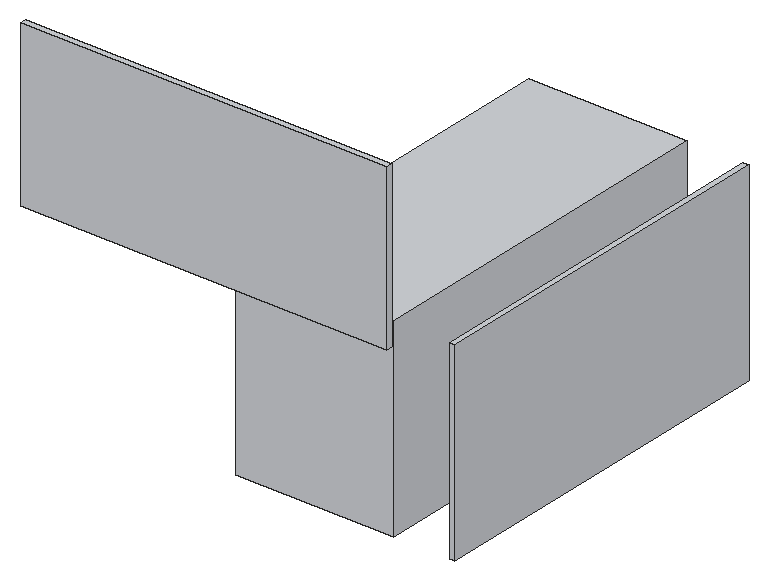
Revit family "EKF450E1 BIM position 3", category Mechanical Equipment, Revit 2013
Parameters (values of type "EKF450E1")
  Width (excluding controller) = "700 mm"
  Width (including controller) = "784 mm"
  Warranty period = "Unit 2 years                                    Motor 5 years"
  Sub Type = "Lo-Carbon Kitchen Box Fan"
  Options = "Weatherproofed and Constant Pressure options"
  Length (excluding Spigots) = "826 mm"
  Length (including Spigots = "700 mm"
  Product Description = "Lo-Carbon Kitchen Box Fan"
  Part Number = "EKF450E1"
  Operational and Maintenance Manual = "http://www.vent-axia.com/files/pdf-downloads/439305.pdf"
  Operating Temperature = "(-20C to +40C)"
  Maximum In-Duct Temperature = "120 Degrees C"
  Motor Rating = "0.99kW Max"
  Manufacturer - Website = "www.vent-axia.com"
  Manufacturer - Name = "Vent-Axia Ltd"
  Manufacturer - Email = "sales@vent-axia.com"
  Manufacturer - Contact Phone = "0844 856 0590"
  Manufacturer - Address = "Fleming Way, Crawley, West Sussex RH10 9YX"
  IP Rating = "IP54"
  Height = "700 mm\r\n220mm"
  Weight = "83.5 kg"
  Family = "In-Line Range"
  Country of Manufacture = "UK"
  Category = "Lo-Carbon Kitchen Box Fan"
  AC Voltage Input = "220-240 V AC (single phase)"
  AC Frequency Input = "50Hz nominal"
Reference planes
  plane 1 "Center (Front/Back)": y = 0
  plane 2: z = 0
  plane 3 "Center (Left/Right)": x = 0
  plane 4: z = 413
  plane 5: z = -413
  plane 6: z = 288.063
  plane 7: z = -411.937
  plane 8: z = 217.127
  plane 9: z = -40.516
  plane 10: z = -42.026
  plane 11: z = -346.468
Forms (mm)
  Extrusion 1, solid, detail levels coarse+medium
    sketch origin (-1319.08, 268.949, 334.586) x (1, 0, 0) y (0, 1, 0)
      loop
        line (879.08, 171.051) -> (879.08, -669.889) -> (1706.532, -669.889) -> (1706.532, 171.051) -> (879.08, 171.051)
    from -783.368 to 95.414
  Extrusion 2, solid
    sketch origin (0, 0, -67.5) x (0, 1, 0) y (0, 0, 1)
      loop
        line (-288.022, 26.984) -> (-288.022, -278.968) -> (291.978, -278.968) -> (291.978, 26.984) -> (-288.022, 26.984)
    from 339.561 to 347.561
  Extrusion 3, solid
    sketch origin (0, 0, 0) x (0, 1, 0) y (0, 0, 1)
      loop
        line (291.978, -40.516) -> (-288.022, -40.516) -> (-288.022, -346.468) -> (291.978, -346.468) -> (291.978, -40.516)
    from 0 to 250
  Extrusion 4, solid
    sketch origin (0, 0, 0) x (1, 0, 0) y (0, 0, 1)
      loop
        line (-292.439, 217.127) -> (-292.439, -42.026) -> (287.561, -42.026) -> (287.561, 217.127) -> (-292.439, 217.127)
    from 338.022 to 348.022
Dimensions and locks
  plane 4 to plane 5 = 826 mm
  plane 7 to plane 6 = 700 mm
  plane 8 to plane 9 = 257.643 mm
  plane 10 to plane 11 = 304.442 mm
  Extrusion 2 to Extrusion 2 = 580 mm
  Extrusion 2 to Extrusion 2 = 305.951 mm
  Extrusion 2 to level = 40.516 mm
Connectors
  hvac at (347.561, 1.978, -193.75)
    settings: on import instance, index 1, duct flow 0.0 L/s, flow factor 0, pres drop 0.0 Pa, loss coef 0, conn angle 0.00°, conn width 580 mm, conn height 303 mm, conn radius 304.8 mm, duct sys type 2, conn prof type 1, flow config 0, flow direction 1, loss method 0, conn ref index -1, conn util no, is conn primary yes, conn desc ""
  hvac at (-2.439, -348.022, 87)
    settings: on import instance, index 2, duct flow 0.0 L/s, flow factor 0, pres drop 0.0 Pa, loss coef 0, conn angle 0.00°, conn width 580 mm, conn height 256 mm, conn radius 304.8 mm, duct sys type 2, conn prof type 1, flow config 0, flow direction 2, loss method 0, conn ref index -1, conn util no, is conn primary no, conn desc ""
